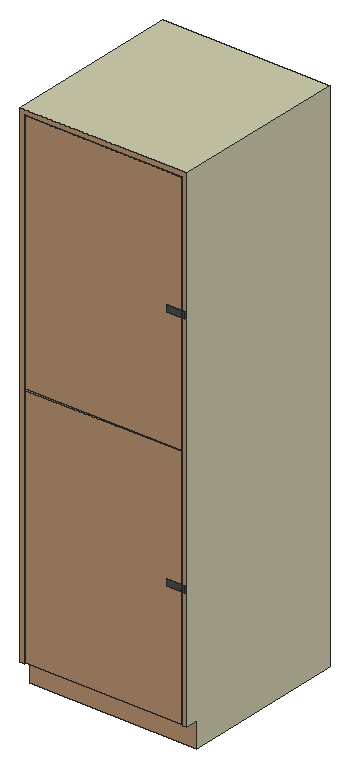
Revit family "Cabinet_Wenger_UltraStor_44", category Furniture, Revit 2015
Parameters (values of type "UltraStor Cabinet #44 - Comp Wood Doors")
  URL = "https://www.wengercorp.com/"
  Type Comments = ""
  Specification = "http://www.arcat.com/sdspecs/htm04/12_35_83wen.htm"
  Shelf Thickness = 0' - 1 1/8"
  Sales Information = "https://www.wengercorp.com/contact-us.php"
  Revision = "R1_2018-04"
  Rear Panel Thickness = 0' - 0 3/4"
  Product Data = "http://www.arcat.com/arcatcos/cos36/arc36487.html"
  Manufacturer Website = "https://www.wengercorp.com/"
  Manufacturer Phone - Toll Free = "800-4WENGER"
  Manufacturer Phone = "(507) 455-4100"
  Manufacturer Fax = "(507) 455-4258"
  Manufacturer Address = "555 Park Dr., Owatonna, MN 55060"
  Keynote = "12 35 83"
  HasDoors = yes
  Green Building-LEED = "http://www.arcat.com/green/clients/leed_data_36487.html"
  Drawn By = "Sumex Design, Inc. / Robert S. Weygant, CSI, CDT, SCIP"
  Door Width = (Cabinet Width - 0' 1 1/2")  # 2' - 2"
  Door Style = Door_Base : Solid Door
  Door Material [instance] = Wenger Cherry (Use Cherry Edge Band Only)
  Toe Kick Material [instance] = Wenger Cherry (Use Cherry Edge Band Only)
  RH End Panel [instance] = no
  Model = "#44"
  Manufacturer = "Wenger Corporation"
  LH End Panel [instance] = no
  End Panel Material [instance] = Wenger Cherry (Use Cherry Edge Band Only)
  Edge Banding Material [instance] = Wenger Cherry (Use Cherry Edge Band Only)
  Cost = 0
  Copyright = "© 2018 Arcat Inc."
  Construction Details = "http://www.arcat.com/details/wengerco/wengerco.html?coid=36487"
  Body Material [instance] = Wenger - Oyster
  Description = "Wenger UltraStor Cabinet #44 - Comp Wood Doors"
  Cabinet Width = 2' - 3 1/2"
  Cabinet Height = 7' - 1 5/8"
  Installed Depth = 2' - 5 1/4"
  Cabinet Panel Thickness = 0' - 0 3/4"
  Assembly Code = "E2010200"
Types (14): name | Rear Panel Thickness | HasDoors | Door Width | Door Style | Door Material | Model | Description | Cabinet Width | Installed Depth
  Acoustic Cabinet #44 - No Doors | 0' - 3 1/4" | no | 2' - 2" | Door_Base : Solid Door | none | "#44A" | "Wenger Acoustic Cabinet #44 - No Doors" | 2' - 3 1/2" | 2' - 7 3/4"
  Narrow Acoustic Cabinet #44 - No Doors | 0' - 3 1/4" | no | 1' - 8" | Door_Base : Solid Door | none | "#44NA" | "Wenger Narrow Acoustic Cabinet #44 - No Doors" | 1' - 9 1/2" | 2' - 7 3/4"
  Narrow Acoustic Cabinet #44 - Comp Waterfall Grille Doors | 0' - 3 1/4" | yes | 1' - 8" | Door_Base : Waterfall | Painted Black | "#44NA" | "Wenger Narrow Acoustic Cabinet #44 - Comp Waterfall Grille Doors" | 1' - 9 1/2" | 2' - 7 3/4"
  Narrow Acoustic Cabinet #44 - Comp Grille Doors | 0' - 3 1/4" | yes | 1' - 8" | Door_Base : Bars | Painted Black | "#44NA" | "Wenger Narrow Acoustic Cabinet #44 - Comp Grille Doors" | 1' - 9 1/2" | 2' - 7 3/4"
  Acoustic Cabinet #44 - Comp Waterfall Grille Doors | 0' - 3 1/4" | yes | 2' - 2" | Door_Base : Waterfall | Painted Black | "#44A" | "Wenger Acoustic Cabinet #44 - Comp Waterfall Grille Doors" | 2' - 3 1/2" | 2' - 7 3/4"
  Acoustic Cabinet #44 - Comp Grille Doors | 0' - 3 1/4" | yes | 2' - 2" | Door_Base : Bars | Painted Black | "#44A" | "Wenger Acoustic Cabinet #44 - Comp Grille Doors" | 2' - 3 1/2" | 2' - 7 3/4"
  UltraStor Cabinet #44 - Comp Grille Doors | 0' - 0 3/4" | yes | 2' - 2" | Door_Base : Bars | Painted Black | "#44" | "Wenger UltraStor Cabinet #44 - Comp Grille Doors" | 2' - 3 1/2" | 2' - 5 1/4"
  Narrow UltraStor Cabinet #44 - Comp Waterfall Grille Doors | 0' - 0 3/4" | yes | 1' - 8" | Door_Base : Waterfall | Painted Black | "#44N" | "Wenger Narrow Cabinet #44 - Comp Waterfall Grille Doors" | 1' - 9 1/2" | 2' - 5 1/4"
  Narrow UltraStor Cabinet #44 - Comp Grille Doors | 0' - 0 3/4" | yes | 1' - 8" | Door_Base : Bars | Painted Black | "#44N" | "Wenger Narrow Cabinet #44 - Comp Grille Doors" | 1' - 9 1/2" | 2' - 5 1/4"
  UltraStor Cabinet #44 - Comp Waterfall Grille Doors | 0' - 0 3/4" | yes | 2' - 2" | Door_Base : Waterfall | Painted Black | "#44" | "Wenger UltraStor Cabinet #44 - Comp Waterfall Grille Doors" | 2' - 3 1/2" | 2' - 5 1/4"
  Narrow UltraStor Cabinet #44 - No Doors | 0' - 0 3/4" | no | 1' - 8" | Door_Base : Solid Door | none | "#44N" | "Wenger Narrow Cabinet #44 - No Doors" | 1' - 9 1/2" | 2' - 5 1/4"
  UltraStor Cabinet #44 - Comp Wood Doors | 0' - 0 3/4" | yes | 2' - 2" | Door_Base : Solid Door | Wenger Cherry (Use Cherry Edge Band Only) | "#44" | "Wenger UltraStor Cabinet #44 - Comp Wood Doors" | 2' - 3 1/2" | 2' - 5 1/4"
  Narrow UltraStor Cabinet #44 - Comp Wood Doors | 0' - 0 3/4" | yes | 1' - 8" | Door_Base : Solid Door | Wenger Cherry (Use Cherry Edge Band Only) | "#44N" | "Wenger Narrow Cabinet #44 - Comp Wood Doors" | 1' - 9 1/2" | 2' - 5 1/4"
  UltraStor Cabinet #44 - No Doors | 0' - 0 3/4" | no | 2' - 2" | Door_Base : Solid Door | none | "#44" | "Wenger UltraStor Cabinet #44 - No Doors" | 2' - 3 1/2" | 2' - 5 1/4"
Reference planes (in)
  plane 1 "Front": y = 0
  plane 2: z = 0
  plane 3 "Left": x = 0
  plane 4 "Right": x = 27.5
  plane 5 "Back": y = 29.25
  plane 6 "Top": z = 85.625
  plane 7: z = 4
  plane 8: z = 44.43125
  plane 9: x = 0.75
  plane 10: x = 26.75
  plane 11: z = 84.875
  plane 12: x = 13.75
  plane 13: y = 28.5
  plane 14: y = 2
  plane 15: y = 0.75
  plane 16: z = 45.55625
  plane 17: z = 5.125
Forms (in)
  Extrusion 1, solid, material "Wenger - Oyster" <- "Body Material"
    sketch origin (0, 0, 0) x (0, 1, 0) y (0, 0, 1)
      loop
        line (0, 85.625) -> (0, 4) -> (2, 4) -> (2, 0) -> (29.25, 0) -> (29.25, 85.625) -> (0, 85.625)
    from 0 to 27.5
  Extrusion 2, void
    sketch origin (0, 0, 0) x (0, 1, 0) y (0, 0, 1)
      loop
        line (-5.5, 84.875) -> (-5.5, 4) -> (0.75, 4)
        arc (0.75, 4) -> (1.15915, 4.80234) -> (2, 5.125) r 1.25694
        line (2, 5.125) -> (28.5, 5.125) -> (28.5, 44.43125) -> (0.75, 44.43125)
        arc (0.75, 44.43125) -> (1.18296, 45.20713) -> (2, 45.55625) r 1.375
        line (2, 45.55625) -> (28.5, 45.55625) -> (28.5, 84.875) -> (-5.5, 84.875)
    from 0.75 to 26.75
  Extrusion 3, void
    sketch origin (0, 0, 0) x (0, 1, 0) y (0, 0, 1)
      loop
        line (0, 84.875) -> (0, 4) -> (0.0625, 4) -> (0.0625, 84.875) -> (0, 84.875)
    from 0.75 to 26.75
Cuts and joins
  Extrusion 2, Extrusion 3 cuts Extrusion 1
Lines and regions (in)
  Masking region 1
    outline origin (0, 0, 0) x (1, 0, 0) y (0, 1, 0)
      loop
        line (0, 29.25) -> (0, 0) -> (27.5, 0) -> (27.5, 29.25) -> (0, 29.25)
Dimensions and locks (in)
  "Cabinet Panel Thickness": plane 3 "Left" to plane 9
  "Cabinet Panel Thickness": plane 10 to plane 4 "Right"
  "Cabinet Panel Thickness": plane 5 "Back" to plane 13
  locked: plane 1 "Front" to plane 15 at 0.75
  locked: plane 1 "Front" to plane 14 at 2
  "Shelf Thickness": plane 16 to plane 8
  "Cabinet Panel Thickness": plane 6 "Top" to plane 11
  "Shelf Thickness": plane 17 to plane 7
  "Cabinet Width": plane 3 "Left" to plane 4 "Right"
  locked: plane 7 to level at 4
  "Cabinet Height": plane 6 "Top" to level
  "Installed Depth": plane 1 "Front" to plane 5 "Back"
  plane 3 "Left" to plane 4 "Right" = 2' - 3 1/2"
  equal spacing: plane 5 "Back", nested 2, plane 1 "Front"
  plane 11 to plane 16 = 3' - 3.31875"
  plane 8 to plane 17 = 3' - 3.30625"
  equal spacing: plane 4 "Right", plane 12, plane 3 "Left"
  aligned and locked: Extrusion 1 sketch curve to plane 6 "Top"
  aligned and locked: Extrusion 1 sketch curve to plane 5 "Back"
  aligned and locked: Extrusion 1 sketch curve to plane 1 "Front"
  aligned and locked: Extrusion 1 sketch curve to plane 7
  aligned and locked: Extrusion 1 sketch curve to plane 14
  aligned and locked: Extrusion 1 sketch curve to level
  aligned and locked: Extrusion 1 to plane 4 "Right"
  aligned and locked: Extrusion 1 to plane 3 "Left"
  aligned and locked: Extrusion 2 sketch curve to plane 11
  aligned and locked: Extrusion 2 sketch curve to plane 16
  aligned and locked: Extrusion 2 sketch curve to plane 8
  aligned and locked: Extrusion 2 sketch curve to plane 17
  aligned and locked: Extrusion 2 to plane 9
  aligned and locked: Extrusion 3 sketch curve to cut or joined group of Extrusion 1, Extrusion 2, Extrusion 3  (x3)
  aligned and locked: Extrusion 3 to plane 10
  aligned and locked: Extrusion 3 to plane 9
  aligned and locked: nested 3 to plane 9
  aligned and locked: plane 11 to nested 3
  aligned and locked: nested 4 to plane 9
  aligned and locked: plane 7 to cut or joined group of Extrusion 1, Extrusion 2, Extrusion 3
  aligned and locked: nested 4 to plane 7
  aligned and locked: plane 15 to Extrusion 2 sketch curve
  aligned and locked: plane 1 "Front" to nested 5
  aligned and locked: nested 5 to level
  aligned and locked: nested 5 to plane 4 "Right"
  aligned and locked: Masking region 1 sketch curve to plane 5 "Back"
  aligned and locked: Masking region 1 sketch curve to plane 1 "Front"
  aligned and locked: plane 3 "Left" to Masking region 1 sketch curve
  aligned and locked: plane 4 "Right" to Masking region 1 sketch curve
  aligned and locked: plane 8 to nested 4
  aligned and locked: nested 3 to plane 8
  aligned and locked: cut or joined group of Extrusion 1, Extrusion 2, Extrusion 3 to plane 10
  aligned and locked: plane 12 to nested 2
Automatic sketch dimensions
  plane 15 to Extrusion 3 sketch curve = 0' - 0 11/16"
  Extrusion 2 sketch curve to plane 7 = 0' - 0"
  Extrusion 2 sketch curve to plane 14 = 0' - 0"  (x2)
  Extrusion 2 sketch curve to plane 13 = 0' - 0"  (x2)
  plane 1 "Front" to Extrusion 2 sketch curve = 0' - 5 1/2"
  Extrusion 2 sketch curve to plane 15 = 0' - 0"
  Extrusion 2 sketch curve to plane 14 = 0' - 0.10279"
Nested families (in)
  nested 1: "End Panel" at (0, 14.25, 0) x (0, -1, 0) z (0, 0, 1), End Panel Material <- "End Panel Material", visible <- "LH End Panel", Edge Banding Material <- "Edge Banding Material", type "End Panel"
    with End Panel Material Wenger Cherry (Use Cherry Edge Band Only), Edge Banding Material Wenger Cherry (Use Cherry Edge Band Only), End Panel Depth 2' - 5 1/4"
  nested 2: "Labels" at (13.75, 14.625, 0), type "Labels"
  nested 3: "Door_Base" at (13.75, 0, 44.43125) x (1, 0, 0) z (0, -1, 0), type <- "Door Style", visible <- "HasDoors", Width <- "Door Width", type "Solid Door", detail levels medium+fine
    with vBars 24, Width 2' - 2", ToeKick Height 0' - 4", MidBar no, Height 3' - 4.44375", BarHt 3' - 3.94375", 2HzBars no
  nested 4: "Door_Base" at (13.75, 0, 4) x (1, 0, 0) z (0, -1, 0), type <- "Door Style", visible <- "HasDoors", Width <- "Door Width", type "Solid Door", detail levels medium+fine
    with vBars 24, Width 2' - 2", ToeKick Height 0' - 4", MidBar no, Height 3' - 4.43125", BarHt 3' - 3.93125", 2HzBars no
  nested 5: "End Panel" at (28.25, 14.25, 0) x (0, -1, 0) z (0, 0, 1), End Panel Material <- "End Panel Material", Edge Banding Material <- "Edge Banding Material", visible <- "RH End Panel", type "End Panel"
    with End Panel Material Wenger Cherry (Use Cherry Edge Band Only), Edge Banding Material Wenger Cherry (Use Cherry Edge Band Only), End Panel Depth 2' - 5 1/4"
Definition of nested family "End Panel"
  Parameters (values of type "End Panel")
    End Panel Material [instance] = none
    End Panel Height = 7' - 1 5/8"
    End Panel Depth = 1' - 9 3/4"
    Edge Banding Material [instance] = none
    Default Elevation = 4' - 0"
    Assembly Code = ""
  Reference planes (in)
    plane 1 "Center (Front/Back)": y = 0
    plane 2: z = 0
    plane 3 "Center (Left/Right)": x = 0
    plane 4: x = -15
    plane 5: x = 6.75
    plane 6: z = 4
    plane 7: x = 4.75
    plane 8: z = 85.625
    plane 9: y = -0.75
  Forms (in)
    Extrusion 1, solid, material <- "End Panel Material"
      sketch origin (0, 0, 0) x (1, 0, 0) y (0, 0, 1)
        loop
          line (-15, 85.625) -> (-15, 0) -> (4.75, 0) -> (4.75, 4) -> (6.75, 4) -> (6.75, 85.625) -> (-15, 85.625)
      from 0 to 0.75
  Lines and regions (in)
    Masking region 1, detail levels coarse+medium
      outline origin (0, 0, 0) x (1, 0, 0) y (0, 1, 0)
        loop
          line (-15, 0) -> (-15, -0.75) -> (6.75, -0.75) -> (6.75, 0) -> (-15, 0)
  Dimensions and locks (in)
    locked: plane 7 to plane 5 at 2
    locked: plane 6 to level at 4
    "End Panel Height": plane 8 to level
    "End Panel Depth": plane 5 to plane 4
    locked: plane 9 to plane 1 "Center (Front/Back)" at 0.75
    aligned and locked: plane 4 to Extrusion 1 sketch curve
    aligned and locked: level to Extrusion 1 sketch curve
    aligned and locked: plane 7 to Extrusion 1 sketch curve
    aligned and locked: plane 6 to Extrusion 1 sketch curve
    aligned and locked: Extrusion 1 sketch curve to plane 5
    aligned and locked: Extrusion 1 sketch curve to plane 8
    aligned and locked: Extrusion 1 to plane 9
    aligned and locked: Extrusion 1 to plane 1 "Center (Front/Back)"
    aligned and locked: plane 4 to Masking region 1 sketch curve
    aligned and locked: Masking region 1 sketch curve to plane 5
    aligned and locked: plane 1 "Center (Front/Back)" to Masking region 1 sketch curve
    aligned and locked: plane 9 to Masking region 1 sketch curve
Definition of nested family "Door_Base"
  Parameters (values of type "None")
    vBars [instance] = (Width - 0' 2") / 0' 1"  # 6
    Width [instance] = 0' - 8"
    ToeKick Height [instance] = 0' - 4"
    Thickness = 0' - 0 3/4"
    Solid Door = no
    Shelf Thickness = 0' - 0 3/4"
    Panel Thickness = 0' - 0 3/4"
    MidBar [instance] = and(Height < 1' 6", HasDoor, not(Solid Door))  # no
    Height [instance] = 1' - 2 5/8"
    HasDoor = no
    Edge Banding = none
    DoorGap = 0' - 0 1/8"
    Door Finish = none
    Depth = 2' - 0"
    Default Elevation = 4' - 0"
    Bars = no
    BarStyle = Bars : Waterfall
    BarHt [instance] = Height - 0' 0 1/2"  # 1' - 2 1/8"
    2HzBars [instance] = and(Height > 1' 6", not(Solid Door))  # no
  Types (4): name | Thickness | Solid Door | MidBar | HasDoor | Bars | BarStyle
    Solid Door | 0' - 0 3/4" | yes | no | yes | no | Bars : Waterfall
    Bars | 0' - 0 1/4" | no | yes | yes | yes | Bars : Straight
    Waterfall | 0' - 0 3/4" | no | yes | yes | yes | Bars : Waterfall
    None | 0' - 0 3/4" | no | no | no | no | Bars : Waterfall
  Reference planes (in)
    plane 1 "Center (Front/Back)": y = 0
    plane 2: z = 0
    plane 3 "Center (Left/Right)": x = 0
    plane 4: x = -4
    plane 5: y = 14.625
    plane 6: x = 4
    plane 7: z = -0.75
    plane 8: x = -3.875
    plane 9: x = 3.875
    plane 10: y = 0.125
    plane 11: y = 14.5
    plane 12: y = -0.75
    plane 13 "CL Elev": y = 7.3125
    plane 14: x = -3.75
    plane 15: x = 3.75
    plane 16 "BtmRail": y = 0.25
    plane 17: y = 14.375
    plane 18: z = -0.125
    plane 19: x = -2.75
    plane 20: x = 2.75
    plane 21: y = 9.66667
    plane 22: y = 4.95833
  Forms (in)
    Extrusion 1, solid, material <- "Door Finish", visible <- "Solid Door", detail levels medium+fine
      sketch origin (0, 0, 0) x (1, 0, 0) y (0, 1, 0)
        loop
          arc (-3.75, 14.5) -> (-3.83839, 14.46339) -> (-3.875, 14.375) r 0.125
          line (-3.875, 14.375) -> (-3.875, 0.25)
          arc (-3.875, 0.25) -> (-3.83839, 0.16161) -> (-3.75, 0.125) r 0.125
          line (-3.75, 0.125) -> (3.75, 0.125)
          arc (3.75, 0.125) -> (3.83839, 0.16161) -> (3.875, 0.25) r 0.125
          line (3.875, 0.25) -> (3.875, 14.375)
          arc (3.875, 14.375) -> (3.83839, 14.46339) -> (3.75, 14.5) r 0.125
          line (3.75, 14.5) -> (-3.75, 14.5)
      from 0 to -0.75
    Sweep 2, solid, material <- "Door Finish", visible <- "Bars", detail levels medium+fine
      path origin (0, 0, 0) x (1, 0, 0) y (0, 1, 0)
        loop
          arc (-3.125, 14.5) -> (-3.65533, 14.28033) -> (-3.875, 13.75) r 0.75
          line (-3.875, 13.75) -> (-3.875, 0.875)
          arc (-3.875, 0.875) -> (-3.65533, 0.34467) -> (-3.125, 0.125) r 0.75
          line (-3.125, 0.125) -> (3.125, 0.125)
          arc (3.125, 0.125) -> (3.65533, 0.34467) -> (3.875, 0.875) r 0.75
          line (3.875, 0.875) -> (3.875, 13.75)
          arc (3.875, 13.75) -> (3.65533, 14.28033) -> (3.125, 14.5) r 0.75
          line (3.125, 14.5) -> (-3.125, 14.5)
      profile origin (0, 14.5, 0) x (0, 1, 0) y (0, 0, 1)
        loop
          circle (-0.125, -0.125) r 0.125
    Extrusion 3, solid, material <- "Door Finish", visible <- "MidBar", detail levels medium+fine
      sketch origin (0, 0, 0) x (0, 1, 0) y (0, 0, 1)
        loop
          circle (7.3125, -0.125) r 0.125
      from -3.75 to 3.75
    Extrusion 4, solid, visible <- "HasDoor", detail levels fine
      sketch origin (0, 0, 0) x (1, 0, 0) y (0, 1, 0)
        loop
          line (1.5, 7.8125) -> (1.5, 6.8125) -> (4.5, 6.8125) -> (4.5, 7.8125) -> (1.5, 7.8125)
      from 0 to 0.125
    Extrusion 5, solid, material <- "Door Finish", visible <- "2HzBars", detail levels medium+fine
      sketch origin (0, 0, 0) x (0, 1, 0) y (0, 0, 1)
        loop
          circle (9.66667, -0.125) r 0.125
        loop
          circle (4.95833, -0.125) r 0.125
      from -3.75 to 3.75
  Lines and regions (in)
    symbolic lines, visible <- "HasDoor", detail levels medium+fine
      curve 1: line (4, 0.25, 0) -> (-4, 0.25, 0)
      curve 2: line (-4, 0.25, 0) -> (-4, 0.25, 8)
      curve 3: arc (4, 0.25, 0) -> (1.65685, 0.25, 5.65685) -> (-4, 0.25, 8) r 8
    symbolic lines, visible <- "HasDoor"
      curve 4: line (3.875, 0.25, 0) -> (3.875, 0.25, -0.75)
      curve 5: line (3.875, 0.25, -0.75) -> (-3.875, 0.25, -0.75)
      curve 6: line (-3.875, 0.25, -0.75) -> (-3.875, 0.25, 0)
    symbolic lines, detail levels medium
      curve 7: line (3.875, 14.5, 0) -> (-3.875, 7.3125, 0)
      curve 8: line (-3.875, 7.3125, 0) -> (3.875, 0.125, 0)
  Dimensions and locks (in)
    "Height": plane 1 "Center (Front/Back)" to plane 5
    "Thickness": level to plane 7
    equal spacing: plane 4, plane 3 "Center (Left/Right)", plane 6
    "Width": plane 4 to plane 6
    "DoorGap": plane 5 to plane 11
    "DoorGap": plane 9 to plane 6
    "DoorGap": plane 4 to plane 8
    "DoorGap": plane 1 "Center (Front/Back)" to plane 10
    "Shelf Thickness": plane 1 "Center (Front/Back)" to plane 12
    equal spacing: plane 1 "Center (Front/Back)", plane 13 "CL Elev", plane 5
    locked: plane 15 to plane 9 at 0.125
    locked: plane 8 to plane 14 at 0.125
    locked: plane 11 to plane 17 at 0.125
    locked: plane 16 "BtmRail" to plane 10 at 0.125
    locked: level to plane 18 at 0.125
    plane 19 to plane 14 = 0' - 1"
    locked: plane 15 to plane 20 at 1
    Extrusion 4 sketch curve to plane 13 "CL Elev" to Extrusion 4 sketch curve = 0' - 0 1/2" locked, 0' - 0 1/2" locked
    locked: plane 6 to Extrusion 4 sketch curve at 0.5
    locked: Extrusion 4 sketch curve to plane 6 at 2.5
    locked: Extrusion 4 to level at 0.125
    equal spacing: group 1, group 3, group 4, group 5, group 6, group 2  (x3)
    equal spacing: plane 17, plane 21, plane 22, plane 16 "BtmRail"
    "Width": radius of curve 3
    aligned and locked: plane 2 to level
    aligned and locked: Extrusion 1 sketch curve to plane 11
    aligned and locked: plane 8 to Extrusion 1 sketch curve
    aligned and locked: Extrusion 1 sketch curve to plane 9
    aligned and locked: plane 10 to Extrusion 1 sketch curve
    aligned and locked: Extrusion 1 to plane 7
    aligned and locked: level to Extrusion 1
    aligned and locked: Sweep 2 sketch curve to plane 11
    aligned and locked: plane 8 to Sweep 2 sketch curve
    aligned and locked: plane 10 to Sweep 2 sketch curve
    aligned and locked: Sweep 2 sketch curve to plane 9
    aligned and locked: plane 15 to Extrusion 3
    aligned and locked: Extrusion 3 to plane 14
    aligned and locked: plane 20 to nested 2
    aligned and locked: plane 19 to nested 1
    aligned and locked: plane 21 to Extrusion 5 sketch curve
    aligned and locked: plane 18 to Extrusion 5 sketch curve  (x2)
    aligned and locked: plane 22 to Extrusion 5 sketch curve
    aligned and locked: Extrusion 5 to Extrusion 3  (x2)
    aligned and locked: plane 4 to curve 3  (x2)
    aligned and locked: level to curve 3
    aligned and locked: plane 7 to curve 5
    aligned and locked: Extrusion 1 to plane 8
    aligned and locked: plane 9 to Extrusion 1
    aligned and locked: plane 10 to curve 8
    aligned and locked: plane 9 to curve 8
    aligned and locked: plane 13 "CL Elev" to curve 8
    aligned and locked: plane 11 to curve 7
    aligned and locked: plane 9 to curve 7
  Automatic sketch dimensions
    plane 8 to Sweep 2 sketch curve = 0' - 0 3/4"  (x2)
    Sweep 2 sketch curve to plane 9 = 0' - 0 3/4"
    Sweep 2 sketch curve to Sweep 2 sketch curve = 0' - 0 3/4"
    Sweep 2 sketch curve to level = 0' - 0 1/8"
    profile plane to Sweep 2 sketch curve = 0' - 0 1/8"
    Extrusion 3 sketch curve to level = 0' - 0 1/8"
    Extrusion 3 sketch curve to plane 13 "CL Elev" = 0' - 0"
    curve 8 to plane 8 = 0' - 0"
    Extrusion 1 sketch curve to plane 14 = 0' - 0"  (x2)
    Extrusion 1 sketch curve to plane 15 = 0' - 0"  (x2)
    curve 5 to plane 9 = 0' - 0"
    curve 6 to plane 8 = 0' - 0"
    radius of Sweep 2 sketch curve = 0' - 0 1/8"
    radius of Extrusion 3 sketch curve = 0' - 0 1/8"
    radius of Extrusion 5 sketch curve = 0' - 0 1/8"  (x2)
  Nested families (in)
    nested 1: "Bars" at (-2.75, 0.25, -0.125) x (1, 0, 0) z (0, 1, 0), type <- "BarStyle", visible <- "Bars", type "Waterfall", detail levels fine
      with Lateral Deviation 0' - 1", Height 1' - 2 1/8"
    nested 2: "Bars" at (2.75, 0.25, -0.125) x (1, 0, 0) z (0, 1, 0), type <- "BarStyle", visible <- "Bars", type "Waterfall", detail levels fine
      with Lateral Deviation 0' - 1", Height 1' - 2 1/8"
    nested 3: "Bars" at (-1.65, 0.25, -0.125) x (1, 0, 0) z (0, 1, 0), type <- "BarStyle", visible <- "Bars", type "Waterfall", detail levels fine
      with Lateral Deviation 0' - 1", Height 1' - 2 1/8"
    nested 4: "Bars" at (-0.55, 0.25, -0.125) x (1, 0, 0) z (0, 1, 0), type <- "BarStyle", visible <- "Bars", type "Waterfall", detail levels fine
      with Lateral Deviation 0' - 1", Height 1' - 2 1/8"
    nested 5: "Bars" at (0.55, 0.25, -0.125) x (1, 0, 0) z (0, 1, 0), type <- "BarStyle", visible <- "Bars", type "Waterfall", detail levels fine
      with Lateral Deviation 0' - 1", Height 1' - 2 1/8"
    nested 6: "Bars" at (1.65, 0.25, -0.125) x (1, 0, 0) z (0, 1, 0), type <- "BarStyle", visible <- "Bars", type "Waterfall", detail levels fine
      with Lateral Deviation 0' - 1", Height 1' - 2 1/8"
  Definition of nested family "Bars"
    Parameters (values of type "Straight")
      WaterFall = no
      Straight = yes
      Lateral Deviation = 0' - 1 1/2"
      Height = 1' - 2 5/8"
      Default Elevation = 4' - 0"
      Bars = none
    Types (3): name | WaterFall | Straight
      (no name) | no | yes
      Waterfall | yes | no
      Straight | no | yes
    Reference planes (in)
      plane 1 "Center (Front/Back)": y = 0
      plane 2: z = 0
      plane 3 "Center (Left/Right)": x = 0
      plane 4: z = 14.625
      plane 5: z = 7.3125
      plane 6: x = 0.75
      plane 7: x = -0.75
      plane 8: z = 10.96875
      plane 9: z = 3.65625
    Forms (in)
      Sweep 1, solid, material <- "Bars", visible <- "WaterFall"
        path origin (0, 0, 0) x (1, 0, 0) y (0, 0, 1)
          loop
            arc (0, 0) -> (0.56057, 1.79006) -> (0.75, 3.65625) r 9.28711
            arc (0.75, 3.65625) -> (0.56057, 5.52244) -> (0, 7.3125) r 9.28711
        profile origin (0.56057, 0, 1.79006) x (-0.979603, 0, 0.200944) y (0, -1, 0)
          loop
            circle (0, 0) r 0.0625
      Sweep 2, solid, material <- "Bars", visible <- "WaterFall"
        path origin (0, 0, 14.625) x (-1, 0, 0) y (0, 0, -1)
          loop
            arc (0, 0) -> (0.56057, 1.79006) -> (0.75, 3.65625) r 9.28711
            arc (0.75, 3.65625) -> (0.56057, 5.52244) -> (0, 7.3125) r 9.28711
        profile origin (-0.56057, 0, 12.83494) x (0.979603, 0, -0.200944) y (0, -1, 0)
          loop
            circle (0, 0) r 0.0625
      Extrusion 3, solid, material <- "Bars", visible <- "Straight"
        sketch origin (0, 0, 0) x (1, 0, 0) y (0, 1, 0)
          loop
            circle (0, 0) r 0.0625
        from 0 to 14.625
    Dimensions and locks (in)
      "Height": plane 4 to level
      equal spacing: plane 6, plane 3 "Center (Left/Right)", plane 7
      "Lateral Deviation": plane 6 to plane 7
      equal spacing: plane 4, plane 8, plane 5, plane 9, level
      aligned and locked: plane 2 to level
      aligned and locked: plane 3 "Center (Left/Right)" to Sweep 1 sketch curve  (x2)
      aligned and locked: level to Sweep 1 sketch curve
      aligned and locked: plane 6 to Sweep 1 sketch curve
      aligned and locked: plane 9 to Sweep 1 sketch curve
      aligned and locked: plane 4 to Sweep 2 sketch curve
      aligned and locked: plane 3 "Center (Left/Right)" to Sweep 2 sketch curve  (x2)
      aligned and locked: plane 8 to Sweep 2 sketch curve
      aligned and locked: plane 7 to Sweep 2 sketch curve
      aligned and locked: plane 5 to Sweep 2 sketch curve
      aligned and locked: plane 4 to Extrusion 3
      aligned and locked: Extrusion 3 to level
    Automatic sketch dimensions
      plane 1 "Center (Front/Back)" to Sweep 1 sketch curve = 0' - 0"
      Sweep 1 sketch curve to profile plane = 0' - 0"
      Sweep 1 sketch curve to Sweep 1 sketch curve = 0' - 0"
      Sweep 2 sketch curve to plane 1 "Center (Front/Back)" = 0' - 0"
      Sweep 2 sketch curve to profile plane = 0' - 0"
      plane 1 "Center (Front/Back)" to Extrusion 3 sketch curve = 0' - 0"
      Extrusion 3 sketch curve to plane 3 "Center (Left/Right)" = 0' - 0"
      radius of Sweep 1 sketch curve = 0' - 0 1/16"
      radius of Sweep 2 sketch curve = 0' - 0 1/16"
      radius of Extrusion 3 sketch curve = 0' - 0 1/16"
Definition of nested family "Labels"
  Parameters
    Cabinet Label = "01"
  Reference planes (in)
    plane 1: y = 0
    plane 2: x = 0
  Text (in)
    label "xxxx" at (-0.00018, 0.00754, 0), shows "Cabinet Label"
